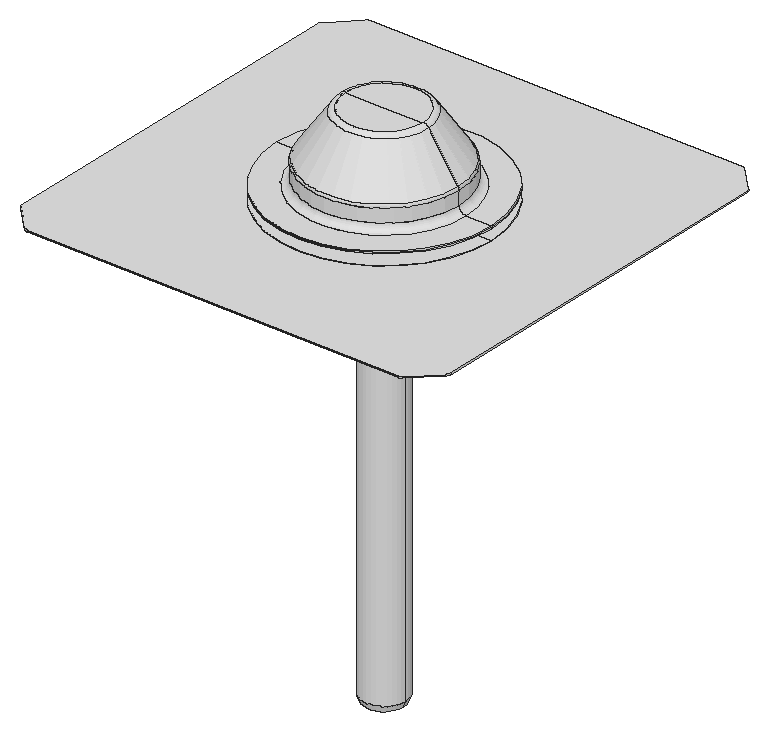
Revit family "Blucher_PlumbingFixture_SiphonicRoofDrain_401.20a", category Plumbing Fixtures, host Face, Revit 2017
Family settings
  Host = Face
  Round Connector Dimension = Use Diameter
  Part Type = Normal
  OmniClass Number = 23.70.50.21.24
  OmniClass Title = Waste Water Drains
  Cut with Voids When Loaded = No
  Shared = No
  Room Calculation Point = No
Parameters (values of type "40mm")
  _BSBibleVersion = 15
  _DistributedBy = "www.bimstore.co.uk"
  _CurrentRevision = 1
  _CreatedBy = "www.bimstore.co.uk"
  _BimSpecGuid = 0
  _Author = "Ian Holmes"
  WarrantyStartDate [instance] = "Please record on commissioning."
  WarrantyGuarantorParts = "mail@blucher.com"
  WarrantyGuarantorLabor = "n/a"
  WarrantyDurationUnit = "Years"
  WarrantyDurationParts = "n/a"
  WarrantyDurationLabor = "n/a"
  WarrantyDescription = "n/a"
  URL = "http://www.blucher.com/"
  TypeName = Type Comments  # "401.204.040"
  Type Comments = "401.204.040"
  PressureDrop [instance] = 0.0 Pa
  PipeMinimumHeight [instance] = PipeMaximumHeight - PipeAdjustment  # 195 mm
  PipeMaximumHeight [instance] = 495 mm  # constant formula
  PipeAdjustment = 300 mm  # constant formula
  HeightConstraint [instance] = if(HeightAdjustment < PipeMinimumHeight, PipeMinimumHeight, if(HeightAdjustment > PipeMaximumHeight, PipeMaximumHeight, HeightAdjustment))  # 495 mm
  HeightAdjustment [instance] = 495 mm
  Flow_Sewer [instance] = 0.0 L/s
  Flow [instance] = 0.0 L/s
  DrainMaterial = Blucher_Stainless Steel
  Description = "Roof drain with flange for bitumen. "
  SpareParts = "n/a"
  Size = "400mm x 400mm x 40mm"
  Shape = "Rectangular"
  SerialNumber [instance] = "Please record on commissioning."
  ReplacementCost = "n/a"
  ReferencedStandard = "EN1253"
  ProductionYear = "2017"
  NominalLength = 400 mm
  NominalHeight = 496 mm
  NominalDepth = 400 mm
  NBSReference = "90-10-20/304"
  NBSOfficeMasterTag = "n/a"
  NBSObjectName = "BLÜCHER - Siphonic rainwater outlets"
  NBSNote = ""
  NBSDescription = "Siphonic rainwater outlets"
  ModelReference = Model  # "BLÜCHER Siphonic Roof Drain"
  ModelNumber = Type Comments  # "401.204.040"
  Model = "BLÜCHER Siphonic Roof Drain"
  Material = "Available in Stainless Steel AISI 304 & Stainless Steel AISI 316L"
  ManufacturerName = "BLÜCHER"
  Manufacturer = "BLÜCHER"
  Keynote = "R10"
  InstallationDate [instance] = "Please record on commissioning."
  IfcExportType = "IfcWasteTerminalTypeEnum.FLOORWASTE"
  IfcExportAs = "IfcFlowTerminal"
  Grade = "AISI 304/EN 1.4301 or AISI 316L/EN 1.4404"
  Finish = "2B - Pickled"
  Features = "n/a"
  ExpectedLife = 50
  DurationUnit = "Years"
  DocumentationTechnical = "https://www.bimstore.co/products/roof-drain-siphonic-401-20/document/technical-data-sheet"
  DocumentationMaintenance = "https://www.bimstore.co/products/roof-drain-siphonic-401-20/document/maintenance-information"
  DocumentationLiterature = "https://www.bimstore.co/products/roof-drain-siphonic-401-20/document/product-literature"
  DocumentationInstallationGuide = "https://www.bimstore.co/products/roof-drain-siphonic-401-20/document/installation-guide"
  DocumentationCertificates = "https://www.bimstore.co/products/roof-drain-siphonic-401-20/document/product-certificates"
  Default Elevation = 1219.2 mm
  D = 40 mm
  CreatedOn = "2017-11-07-T00:00:00"
  CreatedBy = "mail@blucher.com"
  Constituents = "n/a"
  Color = "Stainless Steel"
  CodePerformance = "n/a"
  ClassificationValue = "Pr_65_50_35_81"
  ClassificationName = "Uniclass2015"
  BarCode [instance] = "Please record on commissioning."
  BIMObjectName = "Blucher_PlumbingFixture_SiphonicRoofDrain_401.20"
  AssetType = "Fixed"
  AssetIdentifier [instance] = "Please record on commissioning."
  Assembly Code = "D2040200"
  AccessibilityPerformance = "n/a"
Types (4, lengths in mm): name | TypeName | Type Comments | Size | ModelNumber | D
  (no name) | "401.204.040" | "401.204.040" | "400mm x 400mm x 40mm" | "401.204.040" | 40
  40mm | "401.204.040" | "401.204.040" | "400mm x 400mm x 40mm" | "401.204.040" | 40
  50mm | "401.204.050" | "401.204.050" | "400mm x 400mm x 50mm" | "401.204.050" | 50
  75mm | "401.204.075" | "401.204.075" | "400mm x 400mm x 75mm" | "401.204.075" | 75
Reference planes
  plane 1 "Center (Front/Back)": y = 0
  plane 2: z = 0
  plane 3 "Center (Left/Right)": x = 0
  plane 4: z = 12
  plane 5: z = -418
  plane 6: z = 77
  plane 7: z = -30
  plane 8: z = 1
Forms (mm)
  Extrusion 1, void
    sketch origin (0, 0, 0) x (1, 0, 0) y (0, 1, 0)
      loop
        circle (0, 0) r 100
    from -418 to 77
Lines and regions (mm)
  reference lines
    curve 1: line (0, 0, 0) -> (0, 0, -418)
Dimensions and locks
  locked: plane 4 to plane 2 at 12
  locked: plane 6 to plane 4 at 65
  "HeightConstraint": plane 6 to plane 5
  locked: plane 2 to plane 7 at 30
  locked: plane 8 to plane 2 at 1
  aligned and locked: plane 2 to host face
  aligned and locked: level to host face
  aligned and locked: plane 1 "Center (Front/Back)" to nested 2
  aligned and locked: plane 3 "Center (Left/Right)" to nested 2
  aligned and locked: plane 3 "Center (Left/Right)" to nested 3
  aligned and locked: plane 1 "Center (Front/Back)" to nested 3
  aligned and locked: plane 1 "Center (Front/Back)" to nested 4
  aligned and locked: plane 3 "Center (Left/Right)" to nested 4
  aligned and locked: nested 4 to plane 5
  aligned and locked: plane 1 "Center (Front/Back)" to nested 5
  aligned and locked: plane 3 "Center (Left/Right)" to nested 5
  aligned and locked: plane 6 to Extrusion 1
  aligned and locked: Extrusion 1 to plane 5
  aligned and locked: plane 5 to curve 1
  aligned and locked: plane 2 to curve 1
  aligned and locked: curve 1 to plane 3 "Center (Left/Right)"
Automatic sketch dimensions
  host sketch curve to host sketch curve = 2438.4 mm  (x2)
  plane 1 "Center (Front/Back)" to Extrusion 1 sketch curve = 0 mm
  Extrusion 1 sketch curve to plane 3 "Center (Left/Right)" = 0 mm
  radius of Extrusion 1 sketch curve = 100 mm
Nested families
  nested 1: "WaterTraps_NotVisable" at (-1080.773, -1219.2, -89.9) x (1, 0, 0) z (0, -1, 0), type "WaterTraps_NotVisable"
  nested 2: "Flange_401.004" at (0, 0, 1), type "Flange_401.004"
    with MembrainThickness 0.8 mm, MembrainMaterial none, Membrain no
  nested 3: "LeafGuard_400.000.001" at (0, 0, 12), type "LeafGuard_400.000.001"
  nested 4: "Pipe" at (0, 0, -30), NominalDiameter <- "D", type "Pipe"
    with TopOffset 4 mm, SocketExternalDiameter 43 mm, NominalDiameter 40 mm, Lip 10 mm, HeadLength 46 mm, H 388 mm
  nested 5: "SiphonicPlate_400.000.100" at (0, 0, 1), D <- "D", type "SiphonicPlate_400.000.100"
    with D 40 mm
Connectors
  piping at (0, 0, -418), diameter 40, driven by "D", driven by "Flow", driven by "PressureDrop"
    settings: on curve 1, index 1, connector inside diameter 609.6 mm, connector length 0 mm, flow factor 0, pipe flow 0.0 L/s, pressure drop 0.0 Pa, fitting loss kfactor 0, connector angle 0.00°, fixture units 0, engagement length 0 mm, angle of deflection 0.00°, flow configuration 2, flow direction 2, fitting loss method 4, system type 16, joint type 0, gender type 0, connector reference index -1, connector utility 0, adjustable connector yes, is connector primary yes, connector description ""
Definition of nested family "Flange_401.004"
  Parameters (values of type "Flange_401.004")
    PlateMaterial = none
    MembrainThickness [instance] = 0.8 mm
    MembrainMaterial [instance] = none
    Membrain [instance] = yes
    Default Elevation = 0 mm
  Reference planes
    plane 1 "Center (Front/Back)": y = 0
    plane 2: z = 0
    plane 3 "Center (Left/Right)": x = 0
    plane 4: z = 0.8
  Forms (mm)
    Extrusion 1, solid
      sketch origin (0, 0, 0) x (1, 0, 0) y (0, 1, 0)
        loop
          line (-1219.2, 1219.2) -> (-1219.2, -1219.2) -> (1219.2, -1219.2) -> (1219.2, 1219.2) -> (-1219.2, 1219.2)
      from 0 to -304.8
    Extrusion 2, solid, material <- "PlateMaterial"
      sketch origin (0, 0, 0) x (1, 0, 0) y (0, 1, 0)
        loop
          line (-200, 172.929) -> (-200, -172.929)
          arc (-200, -172.929) -> (-199.619, -174.842) -> (-198.536, -176.464) r 5
          line (-198.536, -176.464) -> (-176.464, -198.536)
          arc (-176.464, -198.536) -> (-174.842, -199.619) -> (-172.929, -200) r 5
          line (-172.929, -200) -> (172.929, -200)
          arc (172.929, -200) -> (174.842, -199.619) -> (176.464, -198.536) r 5
          line (176.464, -198.536) -> (198.536, -176.464)
          arc (198.536, -176.464) -> (199.619, -174.842) -> (200, -172.929) r 5
          line (200, -172.929) -> (200, 172.929)
          arc (200, 172.929) -> (199.619, 174.842) -> (198.536, 176.464) r 5
          line (198.536, 176.464) -> (176.464, 198.536)
          arc (176.464, 198.536) -> (174.842, 199.619) -> (172.929, 200) r 5
          line (172.929, 200) -> (-172.929, 200)
          arc (-172.929, 200) -> (-174.842, 199.619) -> (-176.464, 198.536) r 5
          line (-176.464, 198.536) -> (-198.536, 176.464)
          arc (-198.536, 176.464) -> (-199.619, 174.842) -> (-200, 172.929) r 5
        loop
          circle (0, 0) r 100
      from -1 to 0
    Extrusion 3, solid, material <- "MembrainMaterial", visible <- "Membrain"
      sketch origin (0, 0, 0) x (1, 0, 0) y (0, 1, 0)
        loop
          line (172.929, 200) -> (-172.929, 200)
          arc (-172.929, 200) -> (-174.842, 199.619) -> (-176.464, 198.536) r 5
          line (-176.464, 198.536) -> (-198.536, 176.464)
          arc (-198.536, 176.464) -> (-199.619, 174.842) -> (-200, 172.929) r 5
          line (-200, 172.929) -> (-200, -172.929)
          arc (-200, -172.929) -> (-199.619, -174.842) -> (-198.536, -176.464) r 5
          line (-198.536, -176.464) -> (-176.464, -198.536)
          arc (-176.464, -198.536) -> (-174.842, -199.619) -> (-172.929, -200) r 5
          line (-172.929, -200) -> (172.929, -200)
          arc (172.929, -200) -> (174.842, -199.619) -> (176.464, -198.536) r 5
          line (176.464, -198.536) -> (198.536, -176.464)
          arc (198.536, -176.464) -> (199.619, -174.842) -> (200, -172.929) r 5
          line (200, -172.929) -> (200, 172.929)
          arc (200, 172.929) -> (199.619, 174.842) -> (198.536, 176.464) r 5
          line (198.536, 176.464) -> (176.464, 198.536)
          arc (176.464, 198.536) -> (174.842, 199.619) -> (172.929, 200) r 5
      from 0 to 0.8
  Dimensions and locks
    "MembrainThickness": plane 4 to plane 2
    aligned and locked: plane 2 to Extrusion 1
    aligned and locked: level to Extrusion 1
    aligned and locked: Extrusion 3 to plane 4
  Automatic sketch dimensions
    Extrusion 1 sketch curve to Extrusion 1 sketch curve = 2438.4 mm  (x2)
    plane 1 "Center (Front/Back)" to Extrusion 2 sketch curve = 0 mm
    Extrusion 2 sketch curve to plane 3 "Center (Left/Right)" = 0 mm
    Extrusion 2 sketch curve to Extrusion 2 sketch curve = 3.536 mm  (x10)
    Extrusion 2 sketch curve to Extrusion 2 sketch curve = 1.464 mm  (x2)
    Extrusion 3 sketch curve to plane 3 "Center (Left/Right)" = 200 mm
    Extrusion 3 sketch curve to Extrusion 3 sketch curve = 1.464 mm  (x5)
    Extrusion 3 sketch curve to Extrusion 3 sketch curve = 3.536 mm  (x9)
    Extrusion 3 sketch curve to Extrusion 3 sketch curve = 22.071 mm  (x8)
    plane 3 "Center (Left/Right)" to Extrusion 3 sketch curve = 172.929 mm  (x2)
    plane 1 "Center (Front/Back)" to Extrusion 3 sketch curve = 200 mm
    Extrusion 3 sketch curve to plane 1 "Center (Front/Back)" = 172.929 mm  (x2)
    Extrusion 2 sketch curve to plane 3 "Center (Left/Right)" = 172.929 mm  (x2)
    Extrusion 2 sketch curve to Extrusion 2 sketch curve = 22.071 mm  (x6)
    plane 3 "Center (Left/Right)" to Extrusion 2 sketch curve = 172.929 mm  (x2)
    Extrusion 2 sketch curve to Extrusion 2 sketch curve = 5 mm  (x2)
    plane 1 "Center (Front/Back)" to Extrusion 2 sketch curve = 172.929 mm  (x2)
    Extrusion 2 sketch curve to plane 1 "Center (Front/Back)" = 172.929 mm  (x2)
    radius of Extrusion 2 sketch curve = 100 mm
Definition of nested family "LeafGuard_400.000.001"
  Parameters (values of type "LeafGuard_400.000.001")
    LeafGuardMaterial = none
    Default Elevation = 0 mm
  Reference planes
    plane 1 "Center (Front/Back)": y = 0
    plane 2: z = 0
    plane 3 "Center (Left/Right)": x = 0
  Forms (mm)
    Extrusion 1, solid
      sketch origin (0, 0, 0) x (1, 0, 0) y (0, 1, 0)
        loop
          line (-1219.2, 1219.2) -> (-1219.2, -1219.2) -> (1219.2, -1219.2) -> (1219.2, 1219.2) -> (-1219.2, 1219.2)
      from 0 to -304.8
    Revolve 2, solid, material <- "LeafGuardMaterial"
      sketch origin (0, 0, -12) x (1, 0, 0) y (0, 0, 1)
        loop
          arc (-75.403, 12) -> (-70.468, 14.379) -> (-68.467, 19.479) r 7.5
          line (-68.467, 19.479) -> (-68.467, 31.783)
          arc (-68.467, 31.783) -> (-68.287, 32.969) -> (-67.763, 34.048) r 4
          line (-67.763, 34.048) -> (-40.571, 73.615)
          arc (-40.571, 73.615) -> (-38.599, 75.367) -> (-36.038, 76) r 5.5
          line (-36.038, 76) -> (0, 76) -> (0, 77) -> (-36.038, 77)
          arc (-36.038, 77) -> (-39.064, 76.252) -> (-41.395, 74.182) r 6.5
          line (-41.395, 74.182) -> (-68.588, 34.615)
          arc (-68.588, 34.615) -> (-69.242, 33.265) -> (-69.467, 31.783) r 5
          line (-69.467, 31.783) -> (-69.467, 19.479)
          arc (-69.467, 19.479) -> (-71.371, 14.883) -> (-75.967, 12.979) r 6.5
          line (-75.967, 12.979) -> (-100, 12.979) -> (-100, 12) -> (-75.403, 12)
        axis (0, 77) -> (0, 12)
      angle from 0 to 360
    Revolve 3, solid, material <- "LeafGuardMaterial"
      sketch origin (0, 0, 0) x (1, 0, 0) y (0, 0, 1)
        loop
          line (0, -21) -> (0, -20) -> (-28.762, -20)
          arc (-28.762, -20) -> (-29.927, -19.847) -> (-31.012, -19.397) r 4.5
          line (-31.012, -19.397) -> (-62.288, -1.34)
          arc (-62.288, -1.34) -> (-64.7, -0.341) -> (-67.288, 0) r 10
          line (-67.288, 0) -> (-100, 0) -> (-100, -1) -> (-67.288, -1)
          arc (-67.288, -1) -> (-64.959, -1.307) -> (-62.788, -2.206) r 9
          line (-62.788, -2.206) -> (-31.512, -20.263)
          arc (-31.512, -20.263) -> (-30.186, -20.813) -> (-28.762, -21) r 5.5
          line (-28.762, -21) -> (0, -21)
        axis (0, 0) -> (0, -21)
      angle from 0 to 360
  Dimensions and locks
    aligned and locked: plane 2 to Extrusion 1
    aligned and locked: level to Extrusion 1
Definition of nested family "Pipe"
  Parameters (values of type "Pipe")
    TopOffset [instance] = if(NominalDiameter = 40 mm, 4 mm, if(NominalDiameter = 50 mm, 3 mm, if(NominalDiameter = 75 mm, 4 mm, 5 mm)))  # 4 mm
    T = 1 mm
    SocketExternalDiameter [instance] = NominalDiameter + 3 mm  # 43 mm
    PipeMaterial = none
    NominalDiameter [instance] = 40 mm
    Lip [instance] = if(NominalDiameter = 40 mm, 10 mm, if(NominalDiameter = 50 mm, 10 mm, if(NominalDiameter = 75 mm, 10.5 mm, 12 mm)))  # 10 mm
    HeadLength [instance] = if(NominalDiameter = 40 mm, 46 mm, if(NominalDiameter = 50 mm, 47 mm, if(NominalDiameter = 75 mm, 55 mm, 62 mm)))  # 46 mm
    H [instance] = 502 mm
    Default Elevation = 0 mm
  Reference planes
    plane 1 "Center (Front/Back)": y = 0
    plane 2: z = 0
    plane 3 "Center (Left/Right)": x = 0
    plane 4: z = -46
    plane 5: z = -40.816
    plane 6: z = -14
    plane 7: z = -4
    plane 8: z = -502
    plane 9: x = 20
    plane 10: x = 21.5
    plane 11: x = -21.5
    plane 12: x = -20
    plane 13: x = -20.5
    plane 14: x = 20.5
    plane 15: x = 19
    plane 16: x = -19
    plane 17: x = 26.5
    plane 18: x = 25.5
    plane 19: z = -13
    plane 20: z = -5
    plane 21: z = -496.506
    plane 22: x = 18.01
  Forms (mm)
    Extrusion 1, solid
      sketch origin (0, 0, 0) x (1, 0, 0) y (0, 1, 0)
        loop
          line (-1219.2, 1219.2) -> (-1219.2, -1219.2) -> (1219.2, -1219.2) -> (1219.2, 1219.2) -> (-1219.2, 1219.2)
      from 0 to -304.8
    Revolve 2, solid, material <- "PipeMaterial"
      sketch origin (0, 0, 0) x (1, 0, 0) y (0, 0, 1)
        loop
          line (21.5, 0) -> (20.5, 0) -> (20.5, -2.452)
          arc (20.5, -2.452) -> (21.246, -4.254) -> (23.048, -5) r 2.548
          line (23.048, -5) -> (24, -5)
          arc (24, -5) -> (25.061, -5.439) -> (25.5, -6.5) r 1.5
          line (25.5, -6.5) -> (25.5, -11.527)
          arc (25.5, -11.527) -> (25.069, -12.569) -> (24.027, -13) r 1.473
          line (24.027, -13) -> (23, -13)
          arc (23, -13) -> (21.232, -13.732) -> (20.5, -15.5) r 2.5
          line (20.5, -15.5) -> (20.5, -40.674) -> (19, -45.858) -> (19, -496.329) -> (17.062, -501.655) -> (18.01, -502) -> (20, -496.506) -> (20, -46) -> (21.5, -40.816) -> (21.5, -15.5)
          arc (21.5, -15.5) -> (21.939, -14.439) -> (23, -14) r 1.5
          line (23, -14) -> (24.027, -14)
          arc (24.027, -14) -> (25.776, -13.276) -> (26.5, -11.527) r 2.473
          line (26.5, -11.527) -> (26.5, -6.5)
          arc (26.5, -6.5) -> (25.768, -4.732) -> (24, -4) r 2.5
          line (24, -4) -> (23.048, -4)
          arc (23.048, -4) -> (21.953, -3.547) -> (21.5, -2.452) r 1.548
          line (21.5, -2.452) -> (21.5, 0)
        axis (0, 0) -> (0, -502)
      angle from 0 to 360
  Dimensions and locks
    locked: plane 5 to plane 4 at 5.184
    "TopOffset": plane 2 to plane 7
    "Lip": plane 7 to plane 6
    "HeadLength": plane 2 to plane 4
    "H": plane 2 to plane 8
    "SocketExternalDiameter": plane 11 to plane 10
    equal spacing: plane 10, plane 3 "Center (Left/Right)", plane 11
    equal spacing: plane 9, plane 3 "Center (Left/Right)", plane 12
    "NominalDiameter": plane 9 to plane 12
    "T": plane 13 to plane 11
    "T": plane 14 to plane 10
    "T": plane 15 to plane 9
    "T": plane 16 to plane 12
    "T": plane 18 to plane 17
    locked: plane 10 to plane 17 at 5
    "T": Revolve 2 sketch curve to Revolve 2 sketch curve
    "T": plane 19 to plane 6
    "T": plane 7 to plane 20
    locked: plane 21 to plane 8 at 5.494
    locked: plane 22 to plane 9 at 1.99
    radius of Revolve 2 sketch curve = 1.5 mm  (x2)
    radius of Revolve 2 sketch curve = 2.548 mm
    radius of Revolve 2 sketch curve = 1.548 mm
    radius of Revolve 2 sketch curve = 2.5 mm  (x2)
    radius of Revolve 2 sketch curve = 1.473 mm
    radius of Revolve 2 sketch curve = 2.473 mm
    locked: Revolve 2 sketch curve to plane 8 (angle 20.00°)
    aligned and locked: plane 2 to Extrusion 1
    aligned and locked: level to Extrusion 1
    aligned and locked: plane 10 to Revolve 2 sketch curve
    aligned and locked: plane 14 to Revolve 2 sketch curve
    aligned and locked: plane 2 to Revolve 2 sketch curve
    aligned and locked: Revolve 2 sketch curve to plane 18
    aligned and locked: Revolve 2 sketch curve to plane 17
    aligned and locked: Revolve 2 sketch curve to plane 10
    aligned and locked: Revolve 2 sketch curve to plane 14
    aligned and locked: plane 4 to Revolve 2 sketch curve
    aligned and locked: plane 5 to Revolve 2 sketch curve
    aligned and locked: plane 9 to Revolve 2 sketch curve
    aligned and locked: plane 20 to Revolve 2 sketch curve
    aligned and locked: plane 7 to Revolve 2 sketch curve
    aligned and locked: plane 19 to Revolve 2 sketch curve
    aligned and locked: plane 6 to Revolve 2 sketch curve
    aligned and locked: plane 22 to Revolve 2 sketch curve
    aligned and locked: plane 8 to Revolve 2 sketch curve
    aligned and locked: plane 21 to Revolve 2 sketch curve
  Automatic sketch dimensions
    Extrusion 1 sketch curve to Extrusion 1 sketch curve = 2438.4 mm  (x2)
    Revolve 2 sketch curve to plane 3 "Center (Left/Right)" = 0 mm
    plane 15 to Revolve 2 sketch curve = 0 mm
    Revolve 2 sketch curve to plane 8 = 0.345 mm
    Revolve 2 sketch curve to plane 5 = 4.752 mm
    Revolve 2 sketch curve to Revolve 2 sketch curve = 13.208 mm
Definition of nested family "SiphonicPlate_400.000.100"
  Parameters (values of type "SiphonicPlate_400.000.100")
    PlateMaterial = none
    Default Elevation = 0 mm
    D [instance] = 75 mm
  Reference planes
    plane 1 "Center (Front/Back)": y = 0
    plane 2: z = 0
    plane 3 "Center (Left/Right)": x = 0
    plane 4: x = -36.5
    plane 5: x = -37.5
    plane 6: x = 36.5
    plane 7: x = 37.5
    plane 8: z = -33
    plane 9: x = -73.177
    plane 10: x = -100
  Forms (mm)
    Extrusion 1, solid
      sketch origin (0, 0, 0) x (1, 0, 0) y (0, 1, 0)
        loop
          line (-1219.2, 1219.2) -> (-1219.2, -1219.2) -> (1219.2, -1219.2) -> (1219.2, 1219.2) -> (-1219.2, 1219.2)
      from 0 to -304.8
    Revolve 2, solid, material <- "PlateMaterial"
      sketch origin (0, 0, 0) x (1, 0, 0) y (0, 0, 1)
        loop
          line (-37.5, -33) -> (-36.5, -33) -> (-36.5, -21.916)
          arc (-36.5, -21.916) -> (-36.762, -20.94) -> (-37.476, -20.225) r 1.952
          line (-37.476, -20.225) -> (-71.927, -0.335)
          arc (-71.927, -0.335) -> (-72.53, -0.085) -> (-73.177, 0) r 2.5
          line (-73.177, 0) -> (-100, 0) -> (-100, -1) -> (-73.177, -1)
          arc (-73.177, -1) -> (-72.788, -1.051) -> (-72.427, -1.201) r 1.5
          line (-72.427, -1.201) -> (-37.976, -21.091)
          arc (-37.976, -21.091) -> (-37.628, -21.44) -> (-37.5, -21.916) r 0.952
          line (-37.5, -21.916) -> (-37.5, -33)
        axis (0, 0) -> (0, -33)
      angle from 0 to 360
  Dimensions and locks
    locked: plane 5 to plane 4 at 1
    locked: plane 7 to plane 6 at 1
    equal spacing: plane 5, plane 3 "Center (Left/Right)", plane 7
    "D": plane 5 to plane 7
    locked: plane 2 to plane 8 at 33
    locked: plane 3 "Center (Left/Right)" to plane 9 at 73.177
    locked: plane 9 to plane 10 at 26.823
    radius of Revolve 2 sketch curve = 0.952 mm
    radius of Revolve 2 sketch curve = 1.952 mm
    radius of Revolve 2 sketch curve = 1.5 mm
    radius of Revolve 2 sketch curve = 2.5 mm
    locked: Revolve 2 sketch curve to plane 8 (angle 30.00°)  (x2)
    aligned and locked: plane 2 to Extrusion 1
    aligned and locked: level to Extrusion 1
    aligned and locked: Revolve 2 sketch curve to plane 5
    aligned and locked: Revolve 2 sketch curve to plane 4
    aligned and locked: plane 9 to Revolve 2 sketch curve  (x2)
    aligned and locked: Revolve 2 sketch curve to plane 10
    aligned and locked: plane 8 to Revolve 2 sketch curve
  Automatic sketch dimensions
    Extrusion 1 sketch curve to Extrusion 1 sketch curve = 2438.4 mm  (x2)
    Revolve 2 sketch curve to Revolve 2 sketch curve = 0 mm
    Revolve 2 sketch curve to level = 0 mm
    Revolve 2 sketch curve to plane 3 "Center (Left/Right)" = 0 mm
    Revolve 2 sketch curve to Revolve 2 sketch curve = 0.476 mm
    Revolve 2 sketch curve to level = 0.335 mm
    Revolve 2 sketch curve to Revolve 2 sketch curve = 0.5 mm
    Revolve 2 sketch curve to plane 5 = 0.024 mm
    Revolve 2 sketch curve to Revolve 2 sketch curve = 1.735 mm
    Revolve 2 sketch curve to Revolve 2 sketch curve = 17.922 mm
Definition of nested family "WaterTraps_NotVisable"
  Parameters (values of type "WaterTraps_NotVisable")
    WaterTrapMaterial [instance] = none
    Default Elevation = 1219.2 mm
  Reference planes
    plane 1 "Center (Front/Back)": y = 0
    plane 2: z = 0
    plane 3 "Center (Left/Right)": x = 0
  Forms (mm)
    Extrusion 1, solid
      sketch origin (0, 0, 0) x (1, 0, 0) y (0, 1, 0)
        loop
          line (-1219.2, 1219.2) -> (-1219.2, -1219.2) -> (1219.2, -1219.2) -> (1219.2, 1219.2) -> (-1219.2, 1219.2)
      from 0 to -304.8
  Dimensions and locks
    aligned and locked: plane 2 to Extrusion 1
    aligned and locked: level to Extrusion 1
